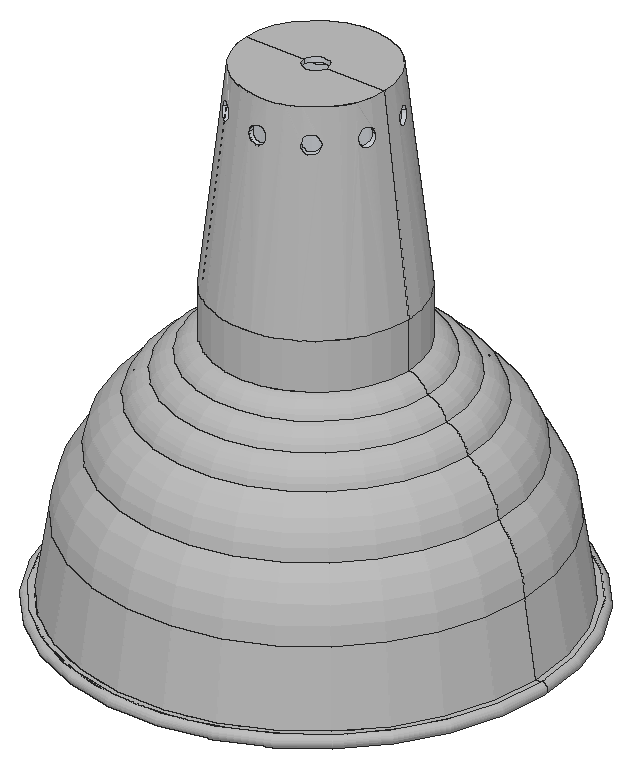
Revit family "CO10 SHADE", category Lighting Fixtures, Revit 2024
Family settings
  Round Connector Dimension = Use Diameter
  Part Type = Normal
  OmniClass Number = 23.80.70.00
  OmniClass Title = Lighting
  Work Plane-Based = No
  Always vertical = Yes
  Cut with Voids When Loaded = No
  Light Source = Yes
  Maintain Annotation Orientation = No
  Shared = No
  Room Calculation Point = No
Parameters
  Wattage = 12.1178 W
  built-in parameter 1150110 = 1 (stored number, unit not read)
  built-in parameter 1114217 = 1 (stored number, unit not read)
  built-in parameter 1150109 = 1 (stored number, unit not read)
  built-in parameter 1150134 = (empty or 0)
  built-in parameter 1150113 = 1 (stored number, unit not read)
  Lumens = 1800 lm
  built-in parameter 1150115 = 1 (stored number, unit not read)
  built-in parameter 1150105 = 572.96 (stored number, unit not read)
  Light Source Symbol Size = 2' - 0"
  built-in parameter 1150137 = (empty or 0)
  built-in parameter 1150139 = (empty or 0)
  built-in parameter 1150112 = 1 (stored number, unit not read)
  built-in parameter 1150114 = 1 (stored number, unit not read)
  built-in parameter 1150132 = 2
  built-in parameter 1150102 = (empty or 0)
  built-in parameter 1150138 = (empty or 0)
  built-in parameter 1150107 = 3000 (stored number, unit not read)
  built-in parameter 1150106 = 5.7296 (stored number, unit not read)
  built-in parameter 1150104 = 13.8 (stored number, unit not read)
  Dimming Lamp Color Temperature Shift = (empty or 0)
  Default Elevation = 0' - 0"
  Color Filter = 16777215
  built-in parameter 1114218 = 1 (stored number, unit not read)
  built-in parameter 1150133 = 10 (stored number, unit not read)
Reference planes (in)
  plane 1 "Light Source Axis (F/B)": y = 0
  plane 2: z = 0
  plane 3 "Light Source Axis (L/R)": x = 0
  plane 4 "Light Source Elevation": z = 84
Forms (in)
  Revolve 1, solid
    sketch origin (0, 0, 0) x (1, 0, 0) y (0, 0, 1)
      loop
        line (-4.75397, 84.15625) -> (-4.66839, 84.15625)
        arc (-4.66839, 84.15625) -> (-4.5818, 84.95163) -> (-4.42516, 85.73622) r 9.03193
        arc (-4.42516, 85.73622) -> (-4.26379, 86.42889) -> (-3.87083, 87.02169) r 2.00571
        arc (-3.87083, 87.02169) -> (-3.6665, 87.60009) -> (-3.20178, 88.00052) r 1.19312
        arc (-3.20178, 88.00052) -> (-3.05886, 88.31304) -> (-2.76163, 88.48552) r 0.56672
        arc (-2.76163, 88.48552) -> (-2.61229, 88.7346) -> (-2.34819, 88.85542) r 0.49008
        arc (-2.34819, 88.85542) -> (-2.18472, 89.09479) -> (-1.90625, 89.17526) r 0.42838
        line (-1.90625, 89.17526) -> (-1.90625, 90.2445) -> (-1.41663, 94.40625) -> (-0.25, 94.40625) -> (-0.25, 94.5) -> (-1.5, 94.5) -> (-2, 90.25) -> (-2, 89.26564)
        arc (-2, 89.26564) -> (-2.25502, 89.1592) -> (-2.42, 88.9375) r 0.52213
        arc (-2.42, 88.9375) -> (-2.67618, 88.80324) -> (-2.83648, 88.5625) r 0.58383
        arc (-2.83648, 88.5625) -> (-3.13002, 88.37412) -> (-3.28668, 88.0625) r 0.66047
        arc (-3.28668, 88.0625) -> (-3.74835, 87.64642) -> (-3.96119, 87.0625) r 1.28687
        arc (-3.96119, 87.0625) -> (-4.35458, 86.45499) -> (-4.51831, 85.75) r 2.09946
        arc (-4.51831, 85.75) -> (-4.66836, 85.00495) -> (-4.75589, 84.25) r 9.12568
        line (-4.75589, 84.25) -> (-4.875, 84.25)
        arc (-4.875, 84.25) -> (-4.95155, 84.02618) -> (-4.75397, 84.15625) r 0.125
      axis (0, 94.5) -> (0, 84.15625)
    angle from 0 to 360
  Extrusion 2, void
    sketch origin (0, 0, 0) x (1, 0, 0) y (0, 0, 1)
      loop
        circle (0, 93.81735) r 0.18281
    from 0 to 12
  Extrusion 3, void
    sketch origin (0, 0, 0) x (0.809017, -0.587785, 0) y (0, 0, 1)
      loop
        circle (0, 93.81735) r 0.18281
    from 0 to 12
  Extrusion 4, void
    sketch origin (0, 0, 0) x (0.809017, 0.587785, 0) y (0, 0, 1)
      loop
        circle (0, 93.81735) r 0.18281
    from 0 to 12
  Extrusion 5, void
    sketch origin (0, 0, 0) x (0.309017, 0.951057, 0) y (0, 0, 1)
      loop
        circle (0, 93.81735) r 0.18281
    from 0 to 12
  Extrusion 6, void
    sketch origin (0, 0, 0) x (-0.309017, 0.951057, 0) y (0, 0, 1)
      loop
        circle (0, 93.81735) r 0.18281
    from 0 to 12
  Extrusion 7, void
    sketch origin (0, 0, 0) x (-0.809017, 0.587785, 0) y (0, 0, 1)
      loop
        circle (0, 93.81735) r 0.18281
    from 0 to 12
  Extrusion 8, void
    sketch origin (0, 0, 0) x (-1, 0, 0) y (0, 0, 1)
      loop
        circle (0, 93.81735) r 0.18281
    from 0 to 12
  Extrusion 9, void
    sketch origin (0, 0, 0) x (-0.809017, -0.587785, 0) y (0, 0, 1)
      loop
        circle (0, 93.81735) r 0.18281
    from 0 to 12
  Extrusion 10, void
    sketch origin (0, 0, 0) x (-0.309017, -0.951057, 0) y (0, 0, 1)
      loop
        circle (0, 93.81735) r 0.18281
    from 0 to 12
  Extrusion 11, void
    sketch origin (0, 0, 0) x (0.309017, -0.951057, 0) y (0, 0, 1)
      loop
        circle (0, 93.81735) r 0.18281
    from 0 to 12
Cuts and joins
  Extrusion 2, Extrusion 3, Extrusion 4, Extrusion 5, Extrusion 6, Extrusion 7, Extrusion 8, Extrusion 9, Extrusion 10, Extrusion 11 cuts Revolve 1
Dimensions and locks (in)
  aligned and locked: plane 3 "Light Source Axis (L/R)" to imposter light
  aligned and locked: plane 1 "Light Source Axis (F/B)" to imposter light
  aligned and locked: plane 4 "Light Source Elevation" to imposter light
  aligned and locked: level to plane 2
